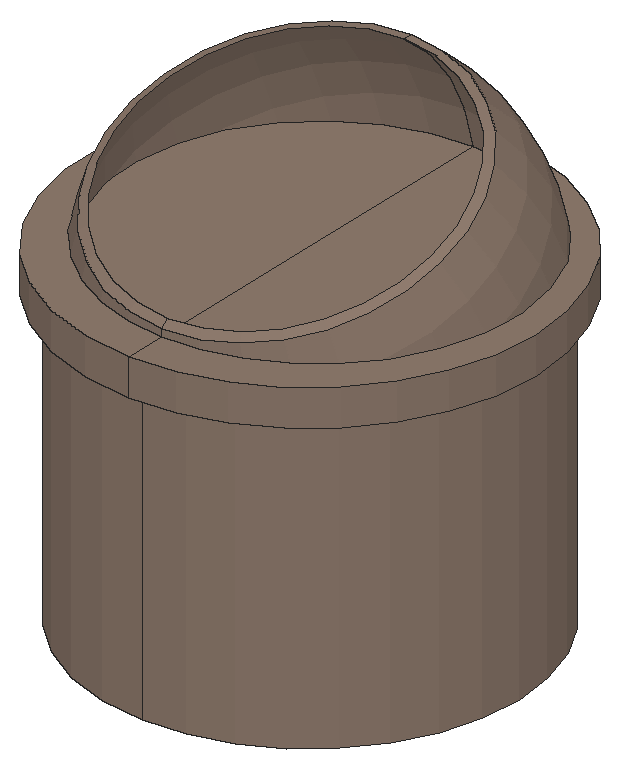
Revit family "LTV8EB", category Lighting Fixtures, host Face, Revit 2021
Family settings
  Host = Face
  Round Connector Dimension = Use Diameter
  Part Type = Normal
  OmniClass Number = 23.80.70.14.14
  OmniClass Title = Exterior Floodlights
  Cut with Voids When Loaded = No
  Light Source = Yes
  Shared = No
  Room Calculation Point = No
Parameters (values of type "LTV81EB")
  Wattage = 9.2903 W
  Warranty = "5 Years Limited Warranty"  # constant formula
  built-in parameter 1150110 = 1 (stored number, unit not read)
  Voltage = 120 V
  URL = "https://www.currentlighting.com/kimlighting"
  built-in parameter 1114217 = 1 (stored number, unit not read)
  Tilt Angle = -90.00°
  built-in parameter 1150109 = 1 (stored number, unit not read)
  built-in parameter 1150134 = 3
  built-in parameter 1150113 = 1 (stored number, unit not read)
  Product Page URL = ""
  Product Documentation Link = ""
  Photometric Web File = "LTV81EB-NF-12RGBWUV.ies"
  Nominal Watts = 31 W
  Model = "Lightvault® LTV8EB Eyeball"  # constant formula
  Manufacturer = "Kim Lighting"  # constant formula
  built-in parameter 1150105 = 109.82 (stored number, unit not read)
  Lumens = 1380 lm
  built-in parameter 1150115 = 1 (stored number, unit not read)
  built-in parameter 1150137 = (empty or 0)
  built-in parameter 1150139 = (empty or 0)
  Lens = White Glass
  built-in parameter 1150112 = 1 (stored number, unit not read)
  built-in parameter 1150114 = 1 (stored number, unit not read)
  Lamp = "LED"
  built-in parameter 1150132 = (empty or 0)
  built-in parameter 1150102 = (empty or 0)
  built-in parameter 1150107 = 3200 (stored number, unit not read)
  built-in parameter 1150138 = (empty or 0)
  built-in parameter 1150106 = 1.0982 (stored number, unit not read)
  Fixture = LTV8EB : LTV81EB
  Finish = Bronze
  Features = "Bluetooth connectivity for remote control aiming, dimming, color changing\r\nFree mobile App for Adroid and iOS\r\nX-Y tilt controls for aiming 12° in any direction\r\nVariable dimming to 20% in 1% increments\r\nIP68 sealed maintenance free LED light engine\r\nOne size: Large 13 inch"  # constant formula
  Emit from Circle Diameter = 10.000"
  Emit Shape Visible in Rendering = no
  built-in parameter 1150104 = 13.8 (stored number, unit not read)
  Dimming Lamp Color Temperature Shift = <None>
  Description = "RGBW Color Changing via Bluetooth® or DMX. The Lightvault 8 RGBW Eyeball provides additional tilt for illuminating signs and facades"  # constant formula
  Default Elevation = 48.000"
  Color Filter = 16777215
  Certification = "UL 1598 Standard for Luminaires.\r\n■ UL 8750 Standard for Safety for Light\r\nEmitting Diode (LED) Equipment for use\r\nin Lighting Products. "  # constant formula
  built-in parameter 1114218 = 1 (stored number, unit not read)
  built-in parameter 1150133 = 10 (stored number, unit not read)
  Apparent Load = 0 VA
Reference planes (in)
  plane 1 "Center (Front/Back)": y = 0
  plane 2: z = 0
  plane 3 "Center (Left/Right)": x = 0
Dimensions and locks (in)
  aligned and locked: plane 2 to host face
  aligned and locked: level to host face
  aligned and locked: plane 1 "Center (Front/Back)" to imposter light
  aligned and locked: plane 3 "Center (Left/Right)" to imposter light
  aligned and locked: plane 3 "Center (Left/Right)" to nested 1
  aligned and locked: plane 1 "Center (Front/Back)" to nested 1
Nested families (in)
  nested 1: "LTV8EB" at (0, 0, 0), type <- "Fixture", Finish <- "Finish", Lens <- "Lens", type "LTV81EB"
    with Lens White Glass, Finish Bronze
Connectors (in)
  electrical at (0, 0, 0), driven by "Voltage", driven by "Description"
    settings: index 1, voltage 120 V, apparent load 0 VA, apparent load phase1 0 VA, apparent load phase2 0 VA, apparent load phase3 0 VA, power factor 1, load classification "Other", number of poles 1, system type 30, power factor state 1, is connector primary yes, connector utility no, sub classification motor no, connector description "RGBW Color Changing via Bluetooth® or DMX. The Lightvault 8 RGBW Eyeball provides additional tilt for illuminating signs and facades"
Definition of nested family "LTV8EB"
  Parameters
    URL = "http://www.kimlighting.com/"
    Product Page URL = ""
    Product Documentation Link = ""
    Manufacturer Phone = "626/968-5666"  # constant formula
    Manufacturer Fax = "626/968-5716"  # constant formula
    Manufacturer = "Kim Lighting"  # constant formula
    Lens [instance] = none
    Height = 3.875"
    Finish [instance] = none
    Diameter = 13.000"
    Depth = 10.000"
    Default Elevation = 48.000"
  Reference planes (in)
    plane 1 "Center (Front/Back)": y = 0
    plane 2: z = 0
    plane 3 "Center (Left/Right)": x = 0
    plane 4: y = 6.5
    plane 5: y = -6.5
    plane 6: z = -10
    plane 7: y = 6
    plane 8: z = -9.5
    plane 9: y = -6
    plane 10: y = -5
    plane 11: y = 5
    plane 12: x = 0.5
    plane 13: x = -0.5
    plane 14: z = -1
    plane 15: y = 0.5
    plane 16: y = -0.5
    plane 17: z = 3.875
    plane 18: through (0, -4.4375, 0) normal (0, -0.3767, 0.9263)
    plane 19: z = 0.05
  Forms (in)
    Revolve 1, solid, material <- "Finish"
      sketch origin (0, 0, 0) x (0, 1, 0) y (0, 0, 1)
        loop
          line (6.5, 0.05) -> (0, 0.05) -> (0, -10) -> (5, -10) -> (5, -9.5) -> (6, -9.5) -> (6, -1) -> (6.5, -1) -> (6.5, 0.05)
        axis (0, 0.05) -> (0, -10)
      angle from 0 to 360
    Revolve 2, solid, material <- "Finish"
      sketch origin (0, 0, 0) x (0, 1, 0) y (0, 0, 1)
        loop
          arc (6, 0) -> (5.19386, 2.16603) -> (3.63791, 3.875) r 6.08276
          line (3.63791, 3.875) -> (3.36531, 3.875)
          arc (3.36531, 3.875) -> (4.99325, 2.18722) -> (5.83874, 0) r 5.92376
          line (5.83874, 0) -> (6, 0)
        axis (0.85131, -2.09359) -> (-0.87463, 2.15094)
      angle from 0 to 360
  Dimensions and locks (in)
    equal spacing: plane 4, plane 1 "Center (Front/Back)", plane 5  (x2)
    "Diameter": plane 4 to plane 5
    "Depth": plane 6 to plane 2
    locked: plane 4 to plane 7 at 0.5
    locked: plane 8 to plane 6 at 0.5
    equal spacing: plane 7, plane 1 "Center (Front/Back)", plane 9
    equal spacing: plane 11, plane 1 "Center (Front/Back)", plane 10
    equal spacing: plane 13, plane 3 "Center (Left/Right)", plane 12
    locked: level to plane 14 at 1
    locked: plane 10 to plane 5 at 1.5
    equal spacing: plane 16, plane 1 "Center (Front/Back)", plane 15
    "Height": plane 17 to level
    locked: plane 19 to level at 0.05
    locked: plane 18 to Revolve 2 sketch curve (angle 90.00°)
    aligned and locked: plane 2 to level
    aligned and locked: plane 1 "Center (Front/Back)" to Revolve 1 sketch curve
    aligned and locked: Revolve 1 sketch curve to plane 6
    aligned and locked: Revolve 1 sketch curve to Revolve 1 sketch curve
    aligned and locked: Revolve 1 sketch curve to plane 4
    aligned and locked: plane 19 to Revolve 1
    aligned and locked: plane 7 to Revolve 2 sketch curve
    aligned and locked: plane 17 to Revolve 2 sketch curve  (x2)
    aligned and locked: level to Revolve 2 sketch curve
    aligned and locked: Revolve 1 sketch curve to plane 11
    aligned and locked: plane 8 to Revolve 1 sketch curve
    aligned and locked: plane 7 to Revolve 1 sketch curve
    aligned and locked: plane 14 to Revolve 1 sketch curve
    aligned and locked: Revolve 1 sketch curve to plane 19
  Automatic sketch dimensions
    Revolve 2 sketch curve to Revolve 2 sketch curve = 0.000"  (x2)
    Revolve 2 sketch curve to plane 1 "Center (Front/Back)" = 0.000"  (x2)
    Revolve 2 sketch curve to level = 0.000"
    Revolve 2 sketch curve to plane 14 = 0.000"
    Revolve 2 sketch curve to Revolve 2 sketch curve = 0.2726"
    Revolve 1 sketch curve to plane 6 = 14.000"
    plane 17 to Revolve 1 sketch curve = 88.40086"
